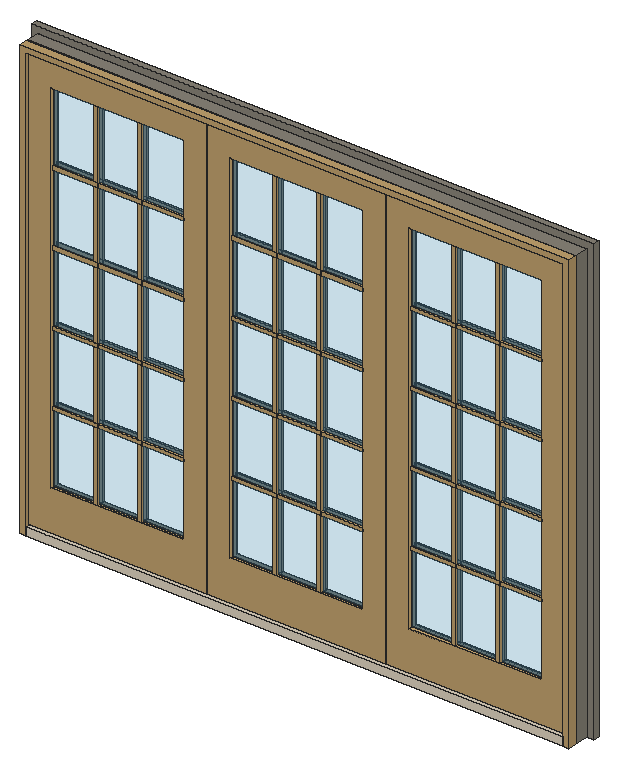
Revit family
Parameters (values of type "CUIFD9070")
  Void Offset = if(and(Casing Visibility, BMC), 0' 1 5/16", if(and(Casing Visibility, Flat Casing), 0' 3", 0' 0"))  # 0' - 1 5/16"
  URL = "www.marvin.com"
  Thickness = 0' - 1 3/4"
  Sill Material = Fiberglass_Pultrusion-Marvin-Beige
  S_2_R = or(XXO_OXX Option 3, and(OXO Option 1, Swing Reverse LH_RH))  # no
  S_2_L = and(OXO Option 1, Swing LH_RH)  # yes
  S_1_R = and(XOO_OOX Option 2, Swing Reverse LH_RH)  # no
  S_1_L = or(XXO_OXX Option 3, and(XOO_OOX Option 2, Swing LH_RH))  # no
  Rough Width = Width + 0' 1"  # 9' - 0 13/16"
  Rough Height = Height + 0' 0 1/2"  # 7' - 2 1/2"
  Prairie Corner Width = 0' - 4"
  Prairie Corner Height = 0' - 4"
  Plan Swing Angle [instance] = 90.00°
  Panel Width = (Width - 0' 2 5/8") / 3  # 2' - 11 1/16"
  Nominal Width = 9' - 0"
  Nominal Height = 7' - 0"
  Muntins Interior Visibility = yes
  Muntins Interior Material = Wood-Marvin-Pine
  Muntins Exterior Visibility = yes
  Muntins Exterior Material = Aluminum-Marvin-Bronze
  Model = "CUIFD9070"
  Manufacturer = "Marvin Windows and Doors"
  Lites Wide = 3
  Lites High = 5
  Lite Cut Prairie 9 = no
  Lite Cut HV Grid = not(Lite Cut Prairie 9)  # yes
  Label Visibility = no
  Jamb Extension Visibility = no
  Swing LH_RH = not(Swing Reverse LH_RH)  # yes
  Swing Reverse LH_RH = no
  OXO Option 1 = Option Choice Constraint = 1  # yes
  XOO_OOX Option 2 = Option Choice Constraint = 2  # no
  XXO_OXX Option 3 = Option Choice Constraint = 3  # no
  OOO Option 4 = Option Choice Constraint = 4  # no
  Note to User = "Enter Option Choice 1-4"
  Option Choice = 1
  Option Choice Constraint = if(Option Choice > 4, 4, if(Option Choice < 1, 1, Option Choice))  # 1
  Interior Material = Wood-Marvin-Pine
  Inset to Installation Flange [instance] = 0' - 1"
  Height = if(Nominal Height = 6' 6", Nominal Height + 0' 1 1/2", if(Nominal Height = 8' 0", Nominal Height - 0' 0 1/2", Nominal Height + 0' 2"))  # 7' - 2"
  Wall Closure = (empty or 0)
  Width = if(Nominal Height = 6' 6", Nominal Width - 0' 2 5/8", Nominal Width - 0' 0 3/16")  # 8' - 11 13/16"
  Glazing Material = Glass-Marvin-IG Low E II with Argon
  Glass Type = "IG Low E II with Argon"
  Function = 1
  Frame = "Aluminum Clad"
  Flat Casing Visibility = and(Casing Visibility, Flat Casing)  # no
  Family created by = "www.rbuiltcomponents.com"
  Door Type = "Clad Ultimate Inswing French Door"
  Design Pressure = "DP40"
  Description = "10884 FR DOOR"
  Daylight Area = DLO Width * DLO Height * 3  # 37.3909 SF
  DLO Width = Panel Width - 0' 9 15/32"  # 2' - 1 19/32"
  DLO Height = if(Bottom Rail Traditional, Height - 1' 3 7/8", Height - 1' 0 13/32")  # 5' - 10 1/8"
  Cladding Material = Aluminum-Marvin-Bronze
  Casing Width = if(BMC, 0' 1 5/16", 0' 3")  # 0' - 1 5/16"
  Casing Visibility = yes
  Bottom Rail Traditional = not(Bottom Rail Contemporary)  # yes
  Bottom Rail Contemporary = no
  Bottom Rail = if(Bottom Rail Traditional, 0' 9 31/32", 0' 6 1/2")  # 0' - 9 31/32"
  BMC Visibility = and(Casing Visibility, BMC)  # yes
  BMC = yes
  Flat Casing = not(BMC)  # no
  Assembly Code = ""
Reference planes (in)
  plane 1 "Center (Front/Back)": y = 0
  plane 2 "Center (Left/Right)": x = 0
  plane 3 "Left": x = -53.90625
  plane 4 "Right": x = 53.90625
  plane 5 "Top": z = 86
  plane 6 "Exterior": y = 3
  plane 7 "Interior": y = -3
  plane 8 "Inset": y = 2
  plane 9 "Glazing": y = -0.71875
  plane 10: x = -47.98438
  plane 11: x = 12.79687
  plane 12: z = 80.0625
  plane 13: z = 9.96875
  plane 14 "Jamb Ext Face": y = -2.5625
  plane 15: x = -12.79688
  plane 16: x = -22.39063
  plane 17: x = -35.1875
  plane 18: x = 0
  plane 19 "Void offset": z = 87.3125
  plane 20 "Casing": z = 87.3125
  plane 21: x = 22.39062
  plane 22: x = 47.98437
  plane 23: x = 35.1875
  plane 24: z = 43
  plane 25: y = -2.59375
Forms (in)
  Sweep 1, solid, material "Aluminum-Marvin-Bronze" <- "Cladding Material"
    path origin (0, -0.71875, 0) x (1, 0, 0) y (0, 0, 1)
      loop
        line (-53.90625, 0) -> (-53.90625, 86) -> (53.90625, 86) -> (53.90625, 0)
    profile "Clad_Frame : Clad_Frame" origin (-53.90625, -0.71875, 43) x (-1, 0, 0) y (0, -1, 0)
      loop
        line (0, -3.8125) -> (0, 0) -> (-1.06374, 0) -> (-1.06374, -0.53244) -> (-1.77792, -0.53244)
        arc (-1.77792, -0.53244) -> (-1.63018, -1.76415) -> (-1.51551, -2.99937) r 46.27589
        line (-1.51551, -2.99937) -> (-0.93767, -2.99937) -> (-0.93767, -3.10585) -> (-0.67848, -3.10585) -> (-0.67848, -3.8125) -> (0, -3.8125)
  Sweep 2, solid, material "Wood-Marvin-Pine" <- "Interior Material"
    path origin (0, -0.71875, 0) x (1, 0, 0) y (0, 0, 1)
      loop
        line (-53.90625, 0) -> (-53.90625, 86) -> (53.90625, 86) -> (53.90625, 0)
    profile "Int_Frame : Int_Frame" origin (-53.90625, -0.71875, 43) x (-1, 0, 0) y (0, -1, 0)
      loop
        line (0, 0) -> (0, 1.84375) -> (-1.06374, 1.84375) -> (-1.06374, 0) -> (0, 0)
  Sweep 3, solid, material "Fiberglass_Pultrusion-Marvin-Beige" <- "Sill Material"
    path origin (0, 2, 0) x (1, 0, 0) y (0, 0, 1)
      loop
        line (53.22777, 0) -> (-53.22777, 0)
    profile "Sill : Sill" origin (0, 2, 0) x (0, 0, -1) y (0, -1, 0)
      loop
        line (-0.5775, -1.09375) -> (0, -1.09375) -> (0, 4.5625) -> (-1.57253, 4.5625) -> (-1.3105, 2.06948) -> (-2.005, 2.06948) -> (-2.005, 1.63198) -> (-1.5375, 1.63198) -> (-1.37091, 0.04698) -> (-0.5775, 0.04698) -> (-0.5775, -1.09375)
  Extrusion 4, solid, material "Wood-Marvin-Pine" <- "Interior Material", visible <- "Jamb Extension Visibility", detail levels medium+fine
    sketch origin (0, -2.5625, 0) x (1, 0, 0) y (0, 0, 1)
      loop
        line (-53.90625, 0) -> (-53.21875, 0) -> (-53.21875, 85.3125) -> (53.21875, 85.3125) -> (53.21875, 0) -> (53.90625, 0) -> (53.90625, 86) -> (-53.90625, 86) -> (-53.90625, 0)
    from 0.03125 to 0.4375
  Extrusion 5, void
    sketch origin (0, 0, 0) x (1, 0, 0) y (0, 1, 0)
      loop
        line (-53.90625, 2) -> (-53.90625, -3) -> (53.90625, -3) -> (53.90625, 2) -> (-53.90625, 2)
    from 86 to 0
  Extrusion 6, void
    sketch origin (0, 0, 0) x (1, 0, 0) y (0, 1, 0)
      loop
        line (-55.21875, 3.125) -> (-55.21875, 2) -> (55.21875, 2) -> (55.21875, 3.125) -> (-55.21875, 3.125)
    from 87.3125 to 0
  Sweep 7, void
    path origin (0, -2.5625, 0) x (1, 0, 0) y (0, 0, 1)
      loop
        line (-53.21875, 1.57253) -> (-53.21875, 0)
    profile "Sill_Void : Sill_Void" origin (-53.21875, -2.5625, 0.78626) x (1, 0, 0) y (0, -1, 0)
      loop
        line (0, -4.95658) -> (0.25918, -4.95658) -> (0.25918, -4.8501) -> (0.83703, -4.8501)
        arc (0.83703, -4.8501) -> (0.9517, -3.61487) -> (1.09944, -2.38317) r 46.27589
        line (1.09944, -2.38317) -> (0.38526, -2.38317) -> (0.38526, 0.11683) -> (-0.125, 0.11683) -> (-0.125, -2.38317) -> (0, -2.38317) -> (0, -4.95658)
  Sweep 8, void
    path origin (0, -2.5625, 0) x (-1, 0, 0) y (0, 0, 1)
      loop
        line (-53.21875, 1.57253) -> (-53.21875, 0)
    profile "Sill_Void : Sill_Void" origin (53.21875, -2.5625, 0.78626) x (1, 0, 0) y (0, -1, 0)
      loop
        line (0, -4.95658) -> (0, -2.38317) -> (0.125, -2.38317) -> (0.125, 0.11683) -> (-0.38526, 0.11683) -> (-0.38526, -2.38317) -> (-1.09944, -2.38317)
        arc (-1.09944, -2.38317) -> (-0.9517, -3.61487) -> (-0.83703, -4.8501) r 46.27589
        line (-0.83703, -4.8501) -> (-0.25918, -4.8501) -> (-0.25918, -4.95658) -> (0, -4.95658)
  Sweep 9, solid, material "Aluminum-Marvin-Bronze" <- "Cladding Material"
    path origin (0, -0.71875, 0) x (1, 0, 0) y (0, 0, 1)
      loop
        line (17.64063, 2.005) -> (17.64063, 84.22208)
    profile "Mtg_Stile : Mtg_Stile" origin (17.64063, -0.71875, 43.11354) x (-1, 0, 0) y (0, -1, 0)
      loop
        line (0.71385, -0.4375) -> (-1.07915, -0.4375) -> (-0.97643, -1.4148) -> (-0.73983, -1.59299) -> (-0.62233, -2.0315) -> (0.25704, -2.0315) -> (0.37874, -1.57729) -> (0.61256, -1.4012) -> (0.71385, -0.4375)
  Sweep 10, solid, material "Aluminum-Marvin-Bronze" <- "Cladding Material"
    path origin (0, -0.71875, 0) x (-1, 0, 0) y (0, 0, 1)
      loop
        line (17.64063, 2.005) -> (17.64063, 84.22208)
    profile "Mtg_Stile : Mtg_Stile" origin (-17.64063, -0.71875, 43.11354) x (-1, 0, 0) y (0, -1, 0)
      loop
        line (-0.71385, -0.4375) -> (-0.61256, -1.4012) -> (-0.37874, -1.57729) -> (-0.25704, -2.0315) -> (0.62233, -2.0315) -> (0.73983, -1.59299) -> (0.97643, -1.4148) -> (1.07915, -0.4375) -> (-0.71385, -0.4375)
Cuts and joins
  Sweep 7, Sweep 8 cuts Sweep 3
Lines and regions (in)
  Masking region 1
    outline origin (0, 0, 0) x (0, 1, 0) y (0, 0, 1)
      loop
        line (3.09375, 86) -> (-2.5625, 86) -> (-2.5625, 0) -> (3.09375, 0) -> (3.09375, 86)
  Masking region 2, visible <- "Jamb Extension Visibility"
    outline origin (0, 0, 0) x (1, 0, 0) y (0, 1, 0)
      loop
        line (-53.21875, -3) -> (-53.21875, -2.59375) -> (-53.90625, -2.59375) -> (-53.90625, -3) -> (-53.21875, -3)
  Masking region 3, visible <- "Jamb Extension Visibility"
    outline origin (0, 0, 0) x (0, 1, 0) y (-1, 0, 0)
      loop
        line (-3, -53.21875) -> (-3, -53.90625) -> (-2.59375, -53.90625) -> (-2.59375, -53.21875) -> (-3, -53.21875)
  Masking region 4, visible <- "Jamb Extension Visibility"
    outline origin (0, 0, 0) x (0, 1, 0) y (0, 0, 1)
      loop
        line (-2.59375, 86) -> (-3, 86) -> (-3, 0) -> (-2.59375, 0) -> (-2.59375, 86)
  symbolic lines, style "DoorsFrameMullionProjection", visible <- "Jamb Extension Visibility", detail levels coarse+medium
    curve 1: line (-53.90625, -3, 0) -> (-53.21875, -3, 0)
    curve 2: line (-53.21875, -3, 0) -> (-53.21875, -2.59375, 0)
    curve 3: line (53.90625, -3, 0) -> (53.21875, -3, 0)
    curve 4: line (53.21875, -3, 0) -> (53.21875, -2.59375, 0)
    curve 7: line (0, -2.59375, 85.3125) -> (0, -3, 85.3125)
    curve 8: line (0, -3, 85.3125) -> (0, -3, 86)
    curve 38: line (53.90625, -3, 0) -> (53.90625, -2.59375, 0)
  symbolic lines, style "Jamb Extension", visible <- "Jamb Extension Visibility", detail levels fine
    curve 5: line (0, -2.59375, 85.3125) -> (0, -3, 85.3125)
    curve 6: line (0, -3, 85.3125) -> (0, -3, 86)
  symbolic lines, style "DoorsFrameMullionProjection", detail levels coarse+medium
    curve 9: line (0, 3.09375, 86) -> (0, 3.09375, 84.93626)
    curve 10: line (0, 3.09375, 84.93626) -> (0, -2.5625, 84.93626)
    curve 11: line (0, -2.5625, 84.93626) -> (0, -2.5625, 86)
    curve 20: line (0, -0.28125, 80.0625) -> (0, -0.28125, 9.96875)
    curve 21: line (0, -2.03125, 80.0625) -> (0, -2.03125, 9.96875)
    curve 22: line (0, 3.09375, 0.5775) -> (0, 1.95302, 0.5775)
    curve 23: line (0, 1.95302, 1.625) -> (0, 1.95302, 0.5775)
    curve 24: line (0, 1.95302, 1.625) -> (0, -2.56948, 1.625)
    curve 25: line (0, -2.56948, 0) -> (0, -2.56948, 1.625)
    curve 26: line (0, 3.09375, 0) -> (0, 3.09375, 0.5775)
    curve 27: line (0, 3.09375, 0) -> (0, -2.56948, 0)
    curve 30: line (-53.90625, -2.59375, 0) -> (-53.90625, -3, 0)
    curve 31: line (0, 3.09375, 86) -> (0, -3, 86)
  symbolic lines, style "DoorsPanelProjection", detail levels coarse+medium
    curve 12: line (0, -0.28125, 80.0625) -> (0, -0.28125, 84.93626)
    curve 13: line (0, -2.03125, 80.0625) -> (0, -0.28125, 80.0625)
    curve 14: line (0, -2.03125, 84.93626) -> (0, -2.03125, 80.0625)
    curve 15: line (0, -0.28125, 9.96875) -> (0, -2.03125, 9.96875)
    curve 16: line (0, -0.28125, 1.8125) -> (0, -0.28125, 9.96875)
    curve 17: line (0, -2.03125, 1.8125) -> (0, -0.28125, 1.8125)
    curve 18: line (0, -2.03125, 9.96875) -> (0, -2.03125, 1.8125)
  symbolic lines, style "DoorsGlassProjection", detail levels coarse+medium
    curve 19: line (0, -1.15625, 9.96875) -> (0, -1.15625, 80.0625)
  symbolic lines, style "Elevation Swing", visible <- "S_2_R"
    curve 28: line (17.54687, -0.71875, 1.8125) -> (-17.54688, -0.71875, 43)
    curve 29: line (-17.54688, -0.71875, 43) -> (17.54687, -0.71875, 84.8125)
  symbolic lines, style "Elevation Swing", visible <- "S_2_L"
    curve 32: line (-17.54688, -0.71875, 1.84375) -> (17.54687, -0.71875, 43)
    curve 33: line (17.54687, -0.71875, 43) -> (-17.54688, -0.71875, 84.8125)
  symbolic lines, style "Elevation Swing", visible <- "S_1_L"
    curve 34: line (17.64062, 2, 1.8125) -> (52.73437, 2, 43)
    curve 35: line (52.73437, 2, 43) -> (17.64062, 2, 84.8125)
  symbolic lines, style "Elevation Swing", visible <- "S_1_R"
    curve 36: line (52.73438, 2, 1.84375) -> (17.64062, 2, 43)
    curve 37: line (17.64062, 2, 43) -> (52.73438, 2, 84.8125)
Text (in)
  text "Exterior" at (-74.96733, 27.31104, 0), in view "Ref. Level"
  text "Interior" at (-74.96733, -25.14366, 0), in view "Ref. Level"
  text "Exterior" at (0, 40.15149, 123.01588), in view "Right"
  text "Interior" at (0, -64.39139, 123.01588), in view "Right"
  text "Interior" at (0, -31.01599, 123.00693), in view "Left"
  text "Exterior" at (0, 54.57065, 123.00693), in view "Left"
Dimensions and locks (in)
  equal spacing: plane 3 "Left", plane 2 "Center (Left/Right)", plane 4 "Right"
  "Height": level to plane 5 "Top"
  locked: plane 3 "Left" to plane 10 at 5.92188
  locked: plane 12 to plane 5 "Top" at 5.9375
  "Bottom Rail": level to plane 13
  locked: Extrusion 4 sketch curve to plane 4 "Right" at 0.6875
  locked: plane 3 "Left" to Extrusion 4 sketch curve at 0.6875
  locked: plane 5 "Top" to Extrusion 4 sketch curve at 0.6875
  locked: nested 3 to plane 9 "Glazing" at 0.8125
  "Inset to Installation Flange": host wall to plane 8 "Inset"
  locked: plane 9 "Glazing" to plane 8 "Inset" at 2.71875
  locked: plane 14 "Jamb Ext Face" to plane 8 "Inset" at 4.5625
  locked: nested 4 to host wall at 12
  equal spacing: plane 16, plane 17, plane 10
  equal spacing: plane 15, plane 18, plane 11
  "Void Offset": plane 19 "Void offset" to plane 5 "Top"
  "Casing Width": plane 20 "Casing" to plane 5 "Top"
  locked: Extrusion 6 sketch curve to host wall at 0.125
  "Void Offset": Extrusion 6 sketch curve to plane 3 "Left"
  "Void Offset": plane 4 "Right" to Extrusion 6 sketch curve
  locked: level to curve 24 at 1.625
  "Width": plane 3 "Left" to plane 4 "Right"
  locked: plane 15 to plane 16 at 9.59375
  locked: plane 11 to plane 21 at 9.59375
  locked: plane 22 to plane 4 "Right" at 5.92188
  equal spacing: plane 22, plane 23, plane 21
  "DLO Width": plane 22 to plane 21
  "DLO Width": plane 16 to plane 10
  equal spacing: level, plane 24, plane 5 "Top"
  locked: plane 3 "Left" to Sweep 7 sketch curve at 0.6875
  locked: Sweep 8 sketch curve to plane 4 "Right" at 0.6875
  locked: Sweep 8 sketch curve to level at 1.57253
  locked: plane 25 to plane 14 "Jamb Ext Face" at 0.03125
  locked: Sweep 9 sketch curve to plane 21 at 4.75
  locked: Sweep 10 sketch curve to plane 16 at 4.75
  aligned and locked: plane 6 "Exterior" to host wall
  aligned and locked: plane 7 "Interior" to host wall
  aligned and locked: plane 3 "Left" to Sweep 1 sketch curve
  aligned and locked: level to Sweep 1 sketch curve  (x2)
  aligned and locked: Sweep 1 sketch curve to plane 5 "Top"
  aligned and locked: Sweep 1 sketch curve to plane 4 "Right"
  aligned and locked: plane 3 "Left" to Sweep 2 sketch curve
  aligned and locked: level to Sweep 2 sketch curve  (x2)
  aligned and locked: Sweep 2 sketch curve to plane 5 "Top"
  aligned and locked: Sweep 2 sketch curve to plane 4 "Right"
  aligned and locked: level to nested 1
  aligned and locked: nested 1 to plane 8 "Inset"
  aligned and locked: Sweep 3 sketch curve to level
  aligned and locked: Extrusion 4 sketch curve to plane 3 "Left"
  aligned and locked: plane 5 "Top" to Extrusion 4 sketch curve
  aligned and locked: plane 4 "Right" to Extrusion 4 sketch curve
  aligned and locked: level to Extrusion 4 sketch curve  (x2)
  aligned and locked: Sweep 1 to Extrusion 4 sketch curve
  aligned and locked: host wall to Extrusion 4
  aligned and locked: plane 9 "Glazing" to nested 2
  aligned and locked: plane 12 to nested 2
  aligned and locked: nested 3 to plane 12
  aligned and locked: plane 3 "Left" to curve 1
  aligned and locked: curve 1 to Extrusion 4
  aligned and locked: plane 4 "Right" to curve 3
  aligned and locked: curve 4 to Extrusion 4
  aligned and locked: curve 3 to Extrusion 4
  aligned and locked: Extrusion 4 to curve 5
  aligned and locked: Extrusion 4 to curve 6
  aligned and locked: plane 5 "Top" to curve 8
  aligned and locked: Extrusion 4 to curve 7
  aligned and locked: plane 14 "Jamb Ext Face" to curve 11
  aligned and locked: curve 10 to Sweep 2
  aligned and locked: curve 13 to plane 12
  aligned and locked: curve 15 to plane 13
  aligned and locked: curve 13 to curve 19
  aligned and locked: curve 15 to curve 19
  aligned and locked: plane 5 "Top" to Masking region 1 sketch curve
  aligned and locked: level to Masking region 1 sketch curve
  aligned and locked: plane 2 "Center (Left/Right)" to nested 4
  aligned and locked: curve 23 to nested 1
  aligned and locked: curve 25 to nested 1
  aligned and locked: plane 18 to nested 2
  aligned and locked: nested 3 to plane 18
  aligned and locked: nested 5 to plane 17
  aligned and locked: nested 5 to plane 12
  aligned and locked: plane 17 to nested 6
  aligned and locked: plane 12 to nested 6
  aligned and locked: nested 5 to plane 9 "Glazing"
  aligned and locked: nested 3 to nested 6
  aligned and locked: Masking region 1 sketch curve to Sweep 1
  aligned and locked: curve 9 to Sweep 1
  aligned and locked: Sweep 3 sketch curve to Sweep 1
  aligned and locked: Sweep 1 to Sweep 3 sketch curve
  aligned and locked: plane 3 "Left" to curve 30
  aligned and locked: curve 31 to plane 5 "Top"
  aligned and locked: host wall to curve 31
  aligned and locked: plane 8 "Inset" to Extrusion 5 sketch curve
  aligned and locked: Extrusion 5 sketch curve to host wall
  aligned and locked: Extrusion 5 sketch curve to plane 3 "Left"
  aligned and locked: plane 4 "Right" to Extrusion 5 sketch curve
  aligned and locked: Extrusion 5 to plane 5 "Top"
  aligned and locked: Extrusion 5 to level
  aligned and locked: Extrusion 6 sketch curve to plane 8 "Inset"
  aligned and locked: Extrusion 6 to plane 19 "Void offset"
  aligned and locked: Extrusion 6 to level
  aligned and locked: Masking region 2 sketch curve to Extrusion 4
  aligned and locked: Masking region 2 sketch curve to plane 3 "Left"
  aligned and locked: Masking region 2 sketch curve to plane 7 "Interior"
  aligned and locked: Masking region 3 sketch curve to plane 4 "Right"
  aligned and locked: Masking region 3 sketch curve to Extrusion 4
  aligned and locked: plane 7 "Interior" to Masking region 3 sketch curve
  aligned and locked: plane 2 "Center (Left/Right)" to nested 7
  aligned and locked: plane 8 "Inset" to nested 7
  aligned and locked: level to nested 7
  aligned and locked: curve 26 to Sweep 1
  aligned and locked: curve 22 to Sweep 3
  aligned and locked: nested 8 to plane 8 "Inset"
  aligned and locked: plane 23 to nested 9
  aligned and locked: plane 12 to nested 9
  aligned and locked: plane 9 "Glazing" to nested 9
  aligned and locked: nested 10 to plane 23
  aligned and locked: nested 10 to plane 12
  aligned and locked: plane 24 to curve 28
  aligned and locked: plane 24 to curve 32
  aligned and locked: plane 24 to curve 34
  aligned and locked: plane 24 to curve 36
  aligned and locked: nested 8 to plane 2 "Center (Left/Right)"
  aligned and locked: Sweep 3 to Sweep 7 sketch curve
  aligned and locked: level to Sweep 7 sketch curve
  aligned and locked: level to Sweep 8 sketch curve
  aligned and locked: Extrusion 4 to plane 25
  aligned and locked: plane 25 to Masking region 2 sketch curve
  aligned and locked: plane 25 to curve 30
  aligned and locked: plane 25 to curve 2
  aligned and locked: Masking region 3 sketch curve to plane 25
  aligned and locked: plane 25 to curve 4
  aligned and locked: plane 25 to curve 38
  aligned and locked: plane 25 to curve 5
  aligned and locked: plane 25 to curve 7
  aligned and locked: Masking region 1 sketch curve to plane 14 "Jamb Ext Face"
  aligned and locked: plane 5 "Top" to Masking region 4 sketch curve
  aligned and locked: level to Masking region 4 sketch curve
  aligned and locked: plane 25 to Masking region 4 sketch curve
  aligned and locked: Masking region 4 sketch curve to host wall
  aligned and locked: nested 11 to plane 12
  aligned and locked: nested 11 to plane 18
  aligned and locked: nested 12 to plane 23
  aligned and locked: plane 17 to nested 13
  aligned and locked: plane 12 to nested 12
  aligned and locked: nested 13 to plane 12
  aligned and locked: plane 9 "Glazing" to nested 13
  aligned and locked: plane 9 "Glazing" to nested 11
  aligned and locked: nested 12 to plane 9 "Glazing"
  aligned and locked: curve 36 to nested 12
  aligned and locked: curve 32 to nested 11
  aligned and locked: nested 11 to curve 33
  aligned and locked: nested 12 to curve 37
  aligned and locked: Sweep 1 to Sweep 9 sketch curve
  aligned and locked: cut or joined group of Sweep 3, Sweep 7, Sweep 8 to Sweep 9 sketch curve
  aligned and locked: Sweep 1 to Sweep 10 sketch curve
  aligned and locked: cut or joined group of Sweep 3, Sweep 7, Sweep 8 to Sweep 10 sketch curve
  aligned and locked: nested 3 to nested 10
  aligned and locked: curve 12 to nested 1
  aligned and locked: curve 14 to nested 1
Automatic sketch dimensions
  curve 27 to level = 0' - 0"
  plane 9 "Glazing" to curve 19 = 0' - 0 7/16"
  level to curve 17 = 0' - 1 13/16"
  curve 1 to curve 1 = 0' - 0 11/16"
  curve 29 to plane 15 = 0' - 4 3/4"
  curve 32 to plane 11 = 0' - 4 3/4"
  plane 5 "Top" to curve 29 = 0' - 1 3/16"
  curve 29 to plane 11 = 0' - 4 3/4"
  level to curve 28 = 0' - 1 13/16"
  curve 28 to plane 11 = 0' - 4 3/4"
  level to curve 32 = 0' - 1 27/32"
  plane 5 "Top" to curve 33 = 0' - 1 3/16"
  level to curve 34 = 0' - 1 13/16"
  plane 21 to curve 34 = 0' - 4 3/4"
  plane 5 "Top" to curve 35 = 0' - 1 3/16"
  plane 21 to curve 35 = 0' - 4 3/4"
  plane 21 to curve 36 = 0' - 4 3/4"
  plane 4 "Right" to curve 35 = 0' - 1 11/64"
  level to curve 36 = 0' - 1 27/32"
  plane 5 "Top" to curve 37 = 0' - 1 3/16"
Nested families (in)
  nested 1: "Door_Section_Detail" at (0, 2, 0) x (0, -1, 0) z (1, 0, 0), type "Door_Section_Detail", detail levels fine
  nested 2: "Muntins" at (0, -0.71875, -26.0625), visible <- "Muntins Exterior Visibility", Muntin Material <- "Muntins Exterior Material", type "Muntins"
    with Muntin Material Aluminum-Marvin-Bronze, GlazingWidth 2' - 1 19/32", GlazingHeight 5' - 10 1/8", Width 2' - 2 1/32", LitesVertical 5, HorizontalMuntins 4, Height 5' - 10 9/16", Inset Vert 0' - 8.30208", Inset Horiz 1' - 1.7375"
  nested 3: "Muntins" at (0, -1.53125, -26.0625), Muntin Material <- "Muntins Interior Material", visible <- "Muntins Interior Visibility", type "Muntins"
    with Muntin Material Wood-Marvin-Pine, GlazingWidth 2' - 1 19/32", GlazingHeight 5' - 10 1/8", Width 2' - 2 1/32", LitesVertical 5, HorizontalMuntins 4, Height 5' - 10 9/16", Inset Vert 0' - 8.30208", Inset Horiz 1' - 1.7375"
  nested 4: "Label Annotation 1-16 w5" at (0, 15, 0), visible <- "Label Visibility", type "Label Annotation 1-16 w5"
  nested 5: "Muntins" at (-35.1875, -0.71875, -26.0625) x (-1, 0, 0) z (0, 0, 1), visible <- "Muntins Exterior Visibility", Muntin Material <- "Muntins Exterior Material", type "Muntins"
    with Muntin Material Aluminum-Marvin-Bronze, GlazingWidth 2' - 1 19/32", GlazingHeight 5' - 10 1/8", Width 2' - 2 1/32", LitesVertical 5, HorizontalMuntins 4, Height 5' - 10 9/16", Inset Vert 0' - 8.30208", Inset Horiz 1' - 1.7375"
  nested 6: "Muntins" at (-35.1875, -1.53125, -26.0625) x (-1, 0, 0) z (0, 0, 1), Muntin Material <- "Muntins Interior Material", visible <- "Muntins Interior Visibility", type "Muntins"
    with Muntin Material Wood-Marvin-Pine, GlazingWidth 2' - 1 19/32", GlazingHeight 5' - 10 1/8", Width 2' - 2 1/32", LitesVertical 5, HorizontalMuntins 4, Height 5' - 10 9/16", Inset Vert 0' - 8.30208", Inset Horiz 1' - 1.7375"
  nested 7: "Casing_Clad" at (0, 2, 0), visible <- "Casing Visibility", type "Casing_Clad"
    with Width 8' - 11 13/16", Height 7' - 2"
  nested 8: "Door_Plan_Detail" at (-31.84375, -1.9375, 0) x (-1, 0, 0) z (0, 0, 1), type "Door_Plan_Detail"
  nested 9: "Muntins" at (35.1875, -0.71875, -26.0625), visible <- "Muntins Exterior Visibility", Muntin Material <- "Muntins Exterior Material", type "Muntins"
    with Muntin Material Aluminum-Marvin-Bronze, GlazingWidth 2' - 1 19/32", GlazingHeight 5' - 10 1/8", Width 2' - 2 1/32", LitesVertical 5, HorizontalMuntins 4, Height 5' - 10 9/16", Inset Vert 0' - 8.30208", Inset Horiz 1' - 1.7375"
  nested 10: "Muntins" at (35.1875, -1.53125, -26.0625), Muntin Material <- "Muntins Interior Material", visible <- "Muntins Interior Visibility", type "Muntins"
    with Muntin Material Wood-Marvin-Pine, GlazingWidth 2' - 1 19/32", GlazingHeight 5' - 10 1/8", Width 2' - 2 1/32", LitesVertical 5, HorizontalMuntins 4, Height 5' - 10 9/16", Inset Vert 0' - 8.30208", Inset Horiz 1' - 1.7375"
  nested 11: "Panel" at (0, -0.71875, 1.84375), type "Panel"
    with Width 2' - 11 3/32", Height 6' - 10 31/32", DLO Width 2' - 1 19/32", DLO Height 5' - 10 1/8"
  nested 12: "Panel" at (35.1875, -0.71875, 1.84375) x (-1, 0, 0) z (0, 0, 1), type "Panel"
    with Width 2' - 11 3/32", Height 6' - 10 31/32", DLO Width 2' - 1 19/32", DLO Height 5' - 10 1/8"
  nested 13: "Panel" at (-35.1875, -0.71875, 1.84375), type "Panel"
    with Width 2' - 11 3/32", Height 6' - 10 31/32", DLO Width 2' - 1 19/32", DLO Height 5' - 10 1/8"
Definition of nested family "Muntins"
  Parameters (values of type "Muntins")
    PrairieMuntVisible = no
    Prairie Corner Width = 0' - 4"
    Prairie Corner Height = 0' - 4"
    Muntin Extension = 0' - 0 7/16"
    GridMuntVisible = yes
    GlazingWidth = 2' - 0"
    GlazingHeight = 2' - 11 1/8"
    Width = GlazingWidth + Muntin Extension  # 2' - 0 7/16"
    VerticalMuntins = if(LitesHorizontal < 3, 2, LitesHorizontal - 1)  # 2
    VertMuntVisible = and(GridMuntVisible, LitesHorizontal > 2)  # yes
    MuntinWidth = 0' - 0 3/4"
    MuntinDepth [instance] = 0' - 0 3/8"
    Muntin Material [instance] = none
    LitesVertical = 3
    LitesHorizontal = 3
    HorizontalMuntins = if(LitesVertical < 3, 2, LitesVertical - 1)  # 2
    HorizMuntVisible = and(GridMuntVisible, LitesVertical > 2)  # yes
    Height = GlazingHeight + Muntin Extension  # 2' - 11 9/16"
    Inset Vert = if(LitesHorizontal < 3, (Width / 3) - (MuntinWidth / 2), (Width / LitesHorizontal) - (MuntinWidth / 2))  # 0' - 7.77083"
    Inset Horiz = if(LitesVertical < 3, (Height / 3) - (MuntinWidth / 2), (Height / LitesVertical) - (MuntinWidth / 2))  # 0' - 11.47917"
    CenterMuntinVertical = and(GridMuntVisible, LitesHorizontal = 2)  # no
    CenterMuntinHorizontal = and(GridMuntVisible, LitesVertical = 2)  # no
    Assembly Code = ""
  Reference planes (in)
    plane 1 "Center (Front/Back)": y = 0
    plane 2: z = 0
    plane 3 "Center (Left/Right)": x = 0
    plane 4: z = 35.78125
    plane 5: z = 53.5625
    plane 6: z = 71.34375
    plane 7: z = 59.86458
    plane 8: z = 47.26042
    plane 9: z = 71.125
    plane 10: z = 36
    plane 11: x = -12
    plane 12: x = 12
    plane 13: x = -4.44792
    plane 14: x = -12.21875
    plane 15: x = 12.21875
    plane 16: x = 4.44792
    plane 17: z = 67.125
    plane 18: z = 40
    plane 19: x = -8
    plane 20: x = 8
  Forms (in)
    Extrusion 1, solid, material <- "Muntin Material", visible <- "CenterMuntinVertical", detail levels medium+fine
      sketch origin (9, 0, 0) x (1, 0, 0) y (0, 0, 1)
        loop
          line (-9.375, 71.34375) -> (-9.375, 35.78125) -> (-8.625, 35.78125) -> (-8.625, 71.34375) -> (-9.375, 71.34375)
      from 0 to 0.375 <- "MuntinDepth"
    Extrusion 2, solid, material <- "Muntin Material", visible <- "CenterMuntinHorizontal", detail levels medium+fine
      sketch origin (-0.0013, 0, 14.6875) x (1, 0, 0) y (0, 0, 1)
        loop
          line (-12.21745, 39.25) -> (-12.21745, 38.5) -> (12.22005, 38.5) -> (12.22005, 39.25) -> (-12.21745, 39.25)
      from 0 to 0.375 <- "MuntinDepth"
    Extrusion 3, solid, material <- "Muntin Material", visible <- "VertMuntVisible", detail levels medium+fine
      sketch origin (4.92708, 0, -2.90625) x (1, 0, 0) y (0, 0, 1)
        loop
          line (-9.375, 74.25) -> (-9.375, 38.6875) -> (-8.625, 38.6875) -> (-8.625, 74.25) -> (-9.375, 74.25)
      from 0 to 0.375 <- "MuntinDepth"
    Extrusion 4, solid, material <- "Muntin Material", visible <- "HorizMuntVisible", detail levels medium+fine
      sketch origin (-3.09635, 0, 14.17708) x (1, 0, 0) y (0, 0, 1)
        loop
          line (-9.1224, 45.6875) -> (-9.1224, 44.9375) -> (15.3151, 44.9375) -> (15.3151, 45.6875) -> (-9.1224, 45.6875)
      from 0 to 0.375 <- "MuntinDepth"
    Extrusion 5, solid, material <- "Muntin Material", visible <- "HorizMuntVisible", detail levels medium+fine
      sketch origin (-3.09635, 0, 2.32292) x (1, 0, 0) y (0, 0, 1)
        loop
          line (-9.1224, 45.6875) -> (-9.1224, 44.9375) -> (15.3151, 44.9375) -> (15.3151, 45.6875) -> (-9.1224, 45.6875)
      from 0 to 0.375 <- "MuntinDepth"
    Extrusion 6, solid, material <- "Muntin Material", visible <- "VertMuntVisible", detail levels medium+fine
      sketch origin (13.07292, 0, -2.90625) x (1, 0, 0) y (0, 0, 1)
        loop
          line (-9.375, 74.25) -> (-9.375, 38.6875) -> (-8.625, 38.6875) -> (-8.625, 74.25) -> (-9.375, 74.25)
      from 0 to 0.375 <- "MuntinDepth"
    Extrusion 7, solid, material <- "Muntin Material", visible <- "PrairieMuntVisible", detail levels medium+fine
      sketch origin (1, 0, 0) x (1, 0, 0) y (0, 0, 1)
        loop
          line (-9, 71.34375) -> (-9, 35.78125) -> (-8.25, 35.78125) -> (-8.25, 71.34375) -> (-9, 71.34375)
      from 0 to 0.375 <- "MuntinDepth"
    Extrusion 8, solid, material <- "Muntin Material", visible <- "PrairieMuntVisible", detail levels medium+fine
      sketch origin (17, 0, 0) x (1, 0, 0) y (0, 0, 1)
        loop
          line (-9.75, 71.34375) -> (-9.75, 35.78125) -> (-9, 35.78125) -> (-9, 71.34375) -> (-9.75, 71.34375)
      from 0 to 0.375 <- "MuntinDepth"
    Extrusion 9, solid, material <- "Muntin Material", visible <- "PrairieMuntVisible", detail levels medium+fine
      sketch origin (-0.0013, 0, 28.25) x (1, 0, 0) y (0, 0, 1)
        loop
          line (-12.21745, 38.875) -> (-12.21745, 38.125) -> (12.22005, 38.125) -> (12.22005, 38.875) -> (-12.21745, 38.875)
      from 0 to 0.375 <- "MuntinDepth"
    Extrusion 10, solid, material <- "Muntin Material", visible <- "PrairieMuntVisible", detail levels medium+fine
      sketch origin (-0.0013, 0, 1.125) x (1, 0, 0) y (0, 0, 1)
        loop
          line (-12.21745, 39.625) -> (-12.21745, 38.875) -> (12.22005, 38.875) -> (12.22005, 39.625) -> (-12.21745, 39.625)
      from 0 to 0.375 <- "MuntinDepth"
  Cuts and joins
    joined: Extrusion 7, Extrusion 8, Extrusion 9, Extrusion 10
  Lines and regions (in)
    model lines, style "Muntins", visible <- "CenterMuntinHorizontal", detail levels coarse
      curve 1: line (-12.21875, 0, 53.5625) -> (12.21875, 0, 53.5625)
    model lines, style "Muntins", visible <- "HorizMuntVisible", detail levels coarse
      curve 2: line (-12.21875, 0, 59.48958) -> (12.21875, 0, 59.48958)
      curve 3: line (-12.21875, 0, 47.63542) -> (12.21875, 0, 47.63542)
    model lines, style "Muntins", visible <- "CenterMuntinVertical", detail levels coarse
      curve 4: line (0, 0, 71.34375) -> (0, 0, 35.78125)
    model lines, style "Muntins", visible <- "VertMuntVisible", detail levels coarse
      curve 5: line (-4.07292, 0, 71.34375) -> (-4.07292, 0, 35.78125)
      curve 6: line (4.07292, 0, 71.34375) -> (4.07292, 0, 35.78125)
    model lines, style "Muntins", visible <- "PrairieMuntVisible", detail levels coarse
      curve 7: line (-12.21875, 0, 66.75) -> (12.21875, 0, 66.75)
      curve 8: line (-12.21875, 0, 40.375) -> (12.21875, 0, 40.375)
      curve 9: line (-7.625, 0, 35.78125) -> (-7.625, 0, 71.34375)
      curve 10: line (7.625, 0, 35.78125) -> (7.625, 0, 71.34375)
  Dimensions and locks (in)
    "Inset Horiz": plane 6 to plane 7
    "Inset Horiz": plane 8 to plane 4
    equal spacing: plane 6, plane 5, plane 4
    "Height": plane 6 to plane 4
    "GlazingHeight": plane 9 to plane 10
    equal spacing: plane 9, plane 5, plane 10
    "GlazingWidth": plane 12 to plane 11
    equal spacing: plane 12, plane 3 "Center (Left/Right)", plane 11
    "MuntinWidth": Extrusion 1 sketch curve to Extrusion 1 sketch curve
    "Height": Extrusion 1 sketch curve to Extrusion 1 sketch curve
    "MuntinWidth": Extrusion 2 sketch curve to Extrusion 2 sketch curve
    "Width": Extrusion 2 sketch curve to Extrusion 2 sketch curve
    "MuntinWidth": Extrusion 3 sketch curve to Extrusion 3 sketch curve
    "Height": Extrusion 3 sketch curve to Extrusion 3 sketch curve
    "Width": plane 15 to plane 14
    equal spacing: plane 15, plane 3 "Center (Left/Right)", plane 14
    "Inset Vert": plane 13 to plane 14
    "Inset Vert": plane 15 to plane 16
    "MuntinWidth": Extrusion 4 sketch curve to Extrusion 4 sketch curve
    "Width": Extrusion 4 sketch curve to Extrusion 4 sketch curve
    "MuntinWidth": Extrusion 5 sketch curve to Extrusion 5 sketch curve
    "Width": Extrusion 5 sketch curve to Extrusion 5 sketch curve
    group 2 to group 3 = 0' - 0"  (x2)
    group 3 to group 2 = 0' - 11.85417"
    "MuntinWidth": Extrusion 6 sketch curve to Extrusion 6 sketch curve
    "Height": Extrusion 6 sketch curve to Extrusion 6 sketch curve
    group 4 to group 5 = 0' - 8.14583"
    group 4 to group 5 = 0' - 0"  (x2)
    "Prairie Corner Width": plane 19 to plane 11
    "Prairie Corner Width": plane 20 to plane 12
    "Prairie Corner Height": plane 9 to plane 17
    "Prairie Corner Height": plane 18 to plane 10
    "MuntinWidth": Extrusion 7 sketch curve to Extrusion 7 sketch curve
    "Height": Extrusion 7 sketch curve to Extrusion 7 sketch curve
    "MuntinWidth": Extrusion 8 sketch curve to Extrusion 8 sketch curve
    "Height": Extrusion 8 sketch curve to Extrusion 8 sketch curve
    "MuntinWidth": Extrusion 9 sketch curve to Extrusion 9 sketch curve
    "Width": Extrusion 9 sketch curve to Extrusion 9 sketch curve
    "MuntinWidth": Extrusion 10 sketch curve to Extrusion 10 sketch curve
    "Width": Extrusion 10 sketch curve to Extrusion 10 sketch curve
    aligned and locked: plane 6 to Extrusion 1  (x2)
    aligned and locked: Extrusion 1 to plane 4  (x3)
    aligned and locked: Extrusion 3 to plane 13  (x5)
    aligned and locked: Extrusion 3 to plane 4  (x3)
    aligned and locked: Extrusion 2 to plane 14
    aligned and locked: plane 15 to Extrusion 2
    aligned and locked: plane 6 to Extrusion 3
    aligned and locked: plane 7 to Extrusion 4
    aligned and locked: Extrusion 4 to plane 14
    aligned and locked: plane 15 to Extrusion 4
    aligned and locked: curve 1 to plane 5
    aligned and locked: plane 14 to curve 1
    aligned and locked: plane 15 to curve 1
    aligned and locked: Extrusion 5 to plane 14
    aligned and locked: Extrusion 5 to plane 8
    aligned and locked: plane 15 to Extrusion 5
    aligned and locked: Extrusion 5 to curve 3  (x2)
    aligned and locked: Extrusion 4 to curve 2  (x2)
    aligned and locked: curve 4 to plane 3 "Center (Left/Right)"
    aligned and locked: Extrusion 1 to curve 4  (x2)
    aligned and locked: Extrusion 3 to curve 5  (x2)
    aligned and locked: Extrusion 6 to curve 6  (x2)
    aligned and locked: Extrusion 6 to plane 16
    aligned and locked: plane 6 to Extrusion 6
    aligned and locked: plane 6 to curve 6
    aligned and locked: Extrusion 6 to plane 4
    aligned and locked: plane 4 to curve 6
    aligned and locked: cut or joined group of Extrusion 7, Extrusion 8, Extrusion 9, Extrusion 10 to plane 19
    aligned and locked: plane 20 to cut or joined group of Extrusion 7, Extrusion 8, Extrusion 9, Extrusion 10
    aligned and locked: plane 17 to cut or joined group of Extrusion 7, Extrusion 8, Extrusion 9, Extrusion 10
    aligned and locked: cut or joined group of Extrusion 7, Extrusion 8, Extrusion 9, Extrusion 10 to plane 18
    aligned and locked: cut or joined group of Extrusion 7, Extrusion 8, Extrusion 9, Extrusion 10 to curve 7  (x2)
    aligned and locked: cut or joined group of Extrusion 7, Extrusion 8, Extrusion 9, Extrusion 10 to curve 8  (x2)
    aligned and locked: cut or joined group of Extrusion 7, Extrusion 8, Extrusion 9, Extrusion 10 to curve 9  (x2)
    aligned and locked: cut or joined group of Extrusion 7, Extrusion 8, Extrusion 9, Extrusion 10 to curve 10  (x2)
  Automatic sketch dimensions
    Extrusion 1 sketch curve to plane 4 = 0' - 0"
    Extrusion 1 sketch curve to plane 3 "Center (Left/Right)" = 0' - 0 3/8"
    Extrusion 2 sketch curve to plane 14 = 0' - 0"
    Extrusion 2 sketch curve to plane 5 = 0' - 0 3/8"
    Extrusion 7 sketch curve to plane 4 = 0' - 0"
    Extrusion 7 sketch curve to plane 19 = 0' - 0"
    Extrusion 8 sketch curve to plane 4 = 0' - 0"
    Extrusion 8 sketch curve to plane 20 = 0' - 0 3/4"
    Extrusion 9 sketch curve to plane 14 = 0' - 0"
    Extrusion 9 sketch curve to plane 17 = 0' - 0 3/4"
    Extrusion 10 sketch curve to plane 14 = 0' - 0"
    Extrusion 10 sketch curve to plane 18 = 0' - 0"
    plane 19 to curve 9 = 0' - 0 3/8"
    curve 10 to plane 20 = 0' - 0 3/8"
    plane 18 to curve 8 = 0' - 0 3/8"
    curve 7 to plane 17 = 0' - 0 3/8"
Definition of nested family "Casing_Clad"
  Parameters (values of type "Casing_Clad")
    Width = 16' - 0"
    Height = 12' - 0"
    Flat Casing Visibility = no
    Cladding Finish = Aluminum-Marvin-Bronze
    BMC Visibility = yes
    Assembly Code = ""
  Reference planes (in)
    plane 1 "Center (Front/Back)": y = 0
    plane 2: z = 0
    plane 3 "Center (Left/Right)": x = 0
    plane 4: z = 144
    plane 5: x = -96
    plane 6: x = 96
  Forms (in)
    Sweep 1, solid, material "Aluminum-Marvin-Bronze" <- "Cladding Finish", visible <- "BMC Visibility"
      path origin (0, 0, 0) x (1, 0, 0) y (0, 0, 1)
        loop
          line (-96, 0) -> (-96, 144) -> (96, 144) -> (96, 0)
      profile "BMC_Clad : BMC_Clad" origin (96, 0, 72) x (1, 0, 0) y (0, -1, 0)
        loop
          line (0.71589, -1.25) -> (1.3125, -1.25) -> (1.3125, 0) -> (0, 0) -> (0, -1.09375) -> (0.38081, -1.09375) -> (0.71589, -1.25)
    Sweep 2, solid, material "Aluminum-Marvin-Bronze" <- "Cladding Finish", visible <- "Flat Casing Visibility"
      path origin (0, 0, 0) x (1, 0, 0) y (0, 0, 1)
        loop
          line (-96, 0) -> (-96, 144) -> (96, 144) -> (96, 0)
      profile "Flat_Casing_Clad : Flat_Casing_Clad" origin (96, 0, 72) x (1, 0, 0) y (0, -1, 0)
        loop
          line (3, -1.09375) -> (3, 0) -> (0, 0) -> (0, -1.09375) -> (3, -1.09375)
  Lines and regions (in)
    Masking region 1, visible <- "Flat Casing Visibility"
      outline origin (0, 0, 0) x (1, 0, 0) y (0, 1, 0)
        loop
          line (-96, 0) -> (-96, 1.09375) -> (-99, 1.09375) -> (-99, 0) -> (-96, 0)
    Masking region 2, visible <- "Flat Casing Visibility"
      outline origin (0, 0, 0) x (0, 1, 0) y (-1, 0, 0)
        loop
          line (0, -96) -> (0, -99) -> (1.09375, -99) -> (1.09375, -96) -> (0, -96)
    Masking region 3, visible <- "BMC Visibility"
      outline origin (0, 0, 0) x (1, 0, 0) y (0, 1, 0)
        loop
          line (96, 1.09375) -> (96, 0) -> (97.3125, 0) -> (97.3125, 1.25) -> (96.71589, 1.25) -> (96.38081, 1.09375) -> (96, 1.09375)
    Masking region 4, visible <- "BMC Visibility"
      outline origin (0, 0, 0) x (0, 1, 0) y (-1, 0, 0)
        loop
          line (1.09375, 96) -> (1.09375, 96.38081) -> (1.25, 96.71589) -> (1.25, 97.3125) -> (0, 97.3125) -> (0, 96) -> (1.09375, 96)
    Masking region 5, visible <- "Flat Casing Visibility"
      outline origin (0, 0, 0) x (0, 1, 0) y (0, 0, 1)
        loop
          line (1.09375, 147) -> (0, 147) -> (0, 144) -> (1.09375, 144) -> (1.09375, 147)
    Masking region 6, visible <- "BMC Visibility"
      outline origin (0, 0, 0) x (0, 1, 0) y (0, 0, 1)
        loop
          line (1.25, 145.3125) -> (0, 145.3125) -> (0, 144) -> (1.09375, 144) -> (1.09375, 144.38081) -> (1.25, 144.71589) -> (1.25, 145.3125)
    symbolic lines, style "Frame/Mullion", visible <- "Flat Casing Visibility", detail levels coarse+medium
      curve 1: line (0, 1.09375, 144) -> (0, 1.09375, 147)
      curve 2: line (0, 1.09375, 147) -> (0, 0, 147)
      curve 11: line (-99, 1.09375, 0) -> (-99, 0, 0)
      curve 12: line (-96, 1.09375, 0) -> (-99, 1.09375, 0)
      curve 13: line (99, 0, 0) -> (99, 1.09375, 0)
      curve 14: line (99, 1.09375, 0) -> (96, 1.09375, 0)
    symbolic lines, style "Frame/Mullion", visible <- "BMC Visibility", detail levels coarse+medium
      curve 3: line (0, 1.25, 145.3125) -> (0, 0, 145.3125)
      curve 4: line (0, 1.25, 144.71589) -> (0, 1.25, 145.3125)
      curve 5: line (0, 1.09375, 144.38081) -> (0, 1.25, 144.71589)
      curve 6: line (0, 1.09375, 144) -> (0, 1.09375, 144.38081)
      curve 7: line (-96.71589, 1.25, 0) -> (-97.3125, 1.25, 0)
      curve 8: line (-96.38081, 1.09375, 0) -> (-96.71589, 1.25, 0)
      curve 9: line (-96, 1.09375, 0) -> (-96.38081, 1.09375, 0)
      curve 10: line (-97.3125, 1.25, 0) -> (-97.3125, 0, 0)
      curve 15: line (97.3125, 0, 0) -> (97.3125, 1.25, 0)
      curve 16: line (97.3125, 1.25, 0) -> (96.71589, 1.25, 0)
      curve 17: line (96.71589, 1.25, 0) -> (96.38081, 1.09375, 0)
      curve 18: line (96.38081, 1.09375, 0) -> (96, 1.09375, 0)
  Dimensions and locks (in)
    "Width": plane 6 to plane 5
    equal spacing: plane 6, plane 3 "Center (Left/Right)", plane 5
    "Height": plane 4 to plane 2
    aligned and locked: plane 4 to Sweep 1 sketch curve
    aligned and locked: plane 5 to Sweep 1 sketch curve
    aligned and locked: plane 2 to Sweep 1 sketch curve
    aligned and locked: Sweep 1 sketch curve to plane 2
    aligned and locked: plane 4 to Sweep 2 sketch curve
    aligned and locked: plane 5 to Sweep 2 sketch curve
    aligned and locked: plane 2 to Sweep 2 sketch curve
    aligned and locked: Sweep 2 sketch curve to plane 2
    aligned and locked: Masking region 1 sketch curve to Sweep 1
    aligned and locked: Masking region 1 sketch curve to plane 1 "Center (Front/Back)"
    aligned and locked: Sweep 2 to Masking region 1 sketch curve
    aligned and locked: Masking region 1 sketch curve to Sweep 2
    aligned and locked: Masking region 2 sketch curve to Sweep 2  (x3)
    aligned and locked: Sweep 2 to Masking region 2 sketch curve
    aligned and locked: Masking region 3 sketch curve to Sweep 2
    aligned and locked: Masking region 3 sketch curve to Sweep 1  (x4)
    aligned and locked: Sweep 1 to Masking region 3 sketch curve
    aligned and locked: Masking region 4 sketch curve to Sweep 2
    aligned and locked: Masking region 4 sketch curve to Sweep 1  (x5)
    aligned and locked: Masking region 5 sketch curve to Sweep 2  (x2)
    aligned and locked: Sweep 1 to Masking region 5 sketch curve
    aligned and locked: Masking region 5 sketch curve to Sweep 1
    aligned and locked: Masking region 6 sketch curve to Sweep 1  (x6)
    aligned and locked: curve 1 to Masking region 5
    aligned and locked: curve 2 to Sweep 2
    aligned and locked: curve 3 to Sweep 1
    aligned and locked: curve 4 to Masking region 6
    aligned and locked: curve 5 to Sweep 1
    aligned and locked: curve 6 to Masking region 6
    aligned and locked: Masking region 2 to curve 14
    aligned and locked: Masking region 3 to curve 16
    aligned and locked: Masking region 3 to curve 18
    aligned and locked: Sweep 2 sketch curve to plane 6
    aligned and locked: Sweep 1 sketch curve to plane 6
    aligned and locked: curve 11 to Sweep 2
    aligned and locked: curve 10 to Sweep 1
    aligned and locked: Sweep 1 to curve 7
    aligned and locked: curve 8 to Sweep 1
    aligned and locked: Sweep 1 to curve 9
    aligned and locked: curve 13 to Sweep 2
    aligned and locked: curve 15 to Sweep 1
    aligned and locked: curve 17 to Sweep 1
  Automatic sketch dimensions
    curve 1 to plane 4 = 0' - 0"
    curve 2 to plane 1 "Center (Front/Back)" = 0' - 0"
    curve 3 to plane 1 "Center (Front/Back)" = 0' - 0"
    curve 6 to plane 4 = 0' - 0"
    curve 10 to plane 1 "Center (Front/Back)" = 0' - 0"
    curve 11 to plane 1 "Center (Front/Back)" = 0' - 0"
    curve 13 to plane 1 "Center (Front/Back)" = 0' - 0"
    curve 15 to plane 1 "Center (Front/Back)" = 0' - 0"
    plane 5 to curve 12 = 0' - 0"
    curve 18 to plane 6 = 0' - 0"
Definition of nested family "Panel"
  Parameters (values of type "Panel")
    Width = DLO Width + 0' 9 1/2"  # 3' - 11 1/2"
    Thickness = 0' - 0"
    Offset = if(Bottom Rail Traditional, 0' 8 3/32", 0' 3 3/4")  # 0' - 8 3/32"
    Interior Finish = Wood-Marvin-Pine
    Height = if(Bottom Rail Traditional, DLO Height + 1' 0 27/32", DLO Height + 0' 9 1/2")  # 6' - 10 27/32"
    Glazing Material = Glass-Marvin-IG Low E II with Argon
    Function = (empty or 0)
    DLO Width = 3' - 2"
    DLO Height = 5' - 10"
    Cladding Finish = Aluminum-Marvin-Bronze
    Bottom Rail Traditional = not(Bottom Rail Contemporary)  # yes
    Bottom Rail Contemporary = no
    Bottom Rail = if(Bottom Rail Traditional, 0' 8 3/32", 0' 4 3/4")  # 0' - 8 3/32"
  Reference planes (in)
    plane 1 "Center (Front/Back)": y = 0
    plane 2: z = 0
    plane 3 "Center (Left/Right)": x = 0
    plane 4: x = -23.75
    plane 5: x = 23.75
    plane 6: z = 82.84375
    plane 7: z = 78.09375
    plane 8: x = -19
    plane 9: x = 19
    plane 10: z = 8.09375
    plane 11 "Glazing": y = -0.8125
  Forms (in)
    Sweep 1, solid, material "Aluminum-Marvin-Bronze" <- "Cladding Finish"
      path origin (0, 0, 0) x (1, 0, 0) y (0, 0, 1)
        loop
          line (-19, 78.09375) -> (-19, 8.09375) -> (19, 8.09375) -> (19, 78.09375) -> (-19, 78.09375)
      profile "Clad_Panel : Clad_Panel" origin (0, 0, 78.09375) x (0, 0, 1) y (0, -1, 0)
        loop
          line (4.75, 0) -> (4.75, 1.3125) -> (0.19709, 1.3125) -> (0, 0.97108) -> (0, 0.8125) -> (0.72484, 0.8125) -> (0.72484, 0) -> (0, 0) -> (0, -0.05719) -> (0.20804, -0.26523) -> (0.20804, -0.4375) -> (4.75, -0.4375) -> (4.75, 0)
    Extrusion 2, solid, material "Glass-Marvin-IG Low E II with Argon" <- "Glazing Material"
      sketch origin (0, 0, 0) x (1, 0, 0) y (0, 0, 1)
        loop
          line (-19.5, 78.59375) -> (-19.5, 7.59375) -> (19.5, 7.59375) -> (19.5, 78.59375) -> (-19.5, 78.59375)
      from 0.125 to 0
    Sweep 3, solid, material "Aluminum-Marvin-Bronze" <- "Cladding Finish"
      path in 3D
        loop
          line (23.75, 0.4375, 3.34375) -> (-23.75, 0.4375, 3.34375)
      profile origin (0, 0.4375, 3.34375) x (0, 1, 0) y (0, 0, -1)
        loop
          line (0, 0) -> (0, 3.34375) -> (-1.75, 3.34375) -> (-1.75, 0) -> (0, 0)
    Extrusion 4, solid, material "Glass-Marvin-IG Low E II with Argon" <- "Glazing Material"
      sketch origin (0, -0.8125, 0) x (-1, 0, 0) y (0, 0, 1)
        loop
          line (19.5, 78.59375) -> (-19.5, 78.59375) -> (-19.5, 7.59375) -> (19.5, 7.59375) -> (19.5, 78.59375)
      from 0.125 to 0
  Cuts and joins
    joined: Sweep 1, Sweep 3
  Lines and regions (in)
    sketch lines
      curve 1: line (23.75, 0.4375, 3.34375) -> (-23.75, 0.4375, 3.34375)
  Dimensions and locks (in)
    equal spacing: plane 4, plane 3 "Center (Left/Right)", plane 5
    "Width": plane 4 to plane 5
    "Height": plane 6 to plane 2
    locked: plane 8 to plane 4 at 4.75
    locked: plane 5 to plane 9 at 4.75
    locked: plane 6 to plane 7 at 4.75
    "Bottom Rail": plane 10 to plane 2
    locked: profile plane to Sweep 3 sketch curve at 1.75
    locked: plane 8 to Extrusion 2 sketch curve at 0.5
    locked: Extrusion 2 sketch curve to plane 9 at 0.5
    locked: Extrusion 2 sketch curve to plane 7 at 0.5
    locked: plane 10 to Extrusion 2 sketch curve at 0.5
    locked: plane 11 "Glazing" to plane 1 "Center (Front/Back)" at 0.8125
    locked: plane 8 to Extrusion 4 sketch curve at 0.5
    locked: Extrusion 4 sketch curve to plane 9 at 0.5
    locked: Extrusion 4 sketch curve to plane 7 at 0.5
    locked: plane 10 to Extrusion 4 sketch curve at 0.5
    "Offset": plane 10 to Sweep 3 sketch curve
    aligned and locked: plane 10 to Sweep 1 sketch curve
    aligned and locked: plane 8 to Sweep 1 sketch curve
    aligned and locked: Sweep 1 sketch curve to plane 7
    aligned and locked: Sweep 1 sketch curve to plane 9
    aligned and locked: Extrusion 2 to plane 1 "Center (Front/Back)"
    aligned and locked: profile plane to Sweep 3 sketch curve  (x2)
Definition of nested family "Door_Section_Detail"
  Parameters (values of type "Door_Section_Detail")
    Height = 7' - 2"
    Flat Casing = no
    Flange Visibility = not(Casing Visibility)  # no
    Casing Visibility = yes
    Bottom Rail = 0' - 9 31/32"
    BMC = yes
    Assembly Code = ""
  Reference planes (in)
    plane 1 "Center (Front/Back)": y = 0
    plane 2: z = 0
    plane 3 "Center (Left/Right)": x = 0
    plane 4: y = 86
  Lines and regions (in)
    detail lines, style "Cut Lines", in view "Ref. Level"
      curve 1: line (2.73141, 9.3065, 0) -> (2.73141, 80.72538, 0)
      curve 2: line (2.85641, 9.3065, 0) -> (2.85641, 80.72538, 0)
      curve 3: line (3.35641, 9.3065, 0) -> (3.35641, 80.72538, 0)
      curve 4: line (3.48141, 9.3065, 0) -> (3.48141, 80.72538, 0)
  Dimensions and locks (in)
    "Height": plane 4 to plane 1 "Center (Front/Back)"
    aligned and locked: plane 1 "Center (Front/Back)" to nested 1
    aligned and locked: plane 3 "Center (Left/Right)" to nested 1
    aligned and locked: plane 4 to nested 2
    aligned and locked: nested 2 to plane 3 "Center (Left/Right)"
    aligned and locked: curve 1 to nested 1  (x2)
    aligned and locked: nested 1 to curve 2
    aligned and locked: curve 2 to nested 1
    aligned and locked: curve 3 to nested 1  (x2)
    aligned and locked: nested 1 to curve 4
    aligned and locked: curve 4 to nested 1
    aligned and locked: nested 1 to nested 1  (x4)
    aligned and locked: nested 2 to curve 1
    aligned and locked: nested 2 to curve 2
    aligned and locked: nested 2 to curve 3
    aligned and locked: nested 2 to curve 4
    aligned and locked: plane 3 "Center (Left/Right)" to nested 4
    aligned and locked: nested 4 to plane 4
    aligned and locked: plane 3 "Center (Left/Right)" to nested 3
    aligned and locked: nested 3 to plane 4
  Nested families (in)
    nested 1: "Sill_Detail" at (0, 0, 0), type "Sill_Detail", in view "Ref. Level"
    nested 2: "Jamb_Detail" at (0, 86, 0) x (0, -1, 0) z (0, 0, 1), type "Jamb_Detail", in view "Ref. Level"
    nested 3: "BMC_Detail" at (0, 86, 0), visible <- "BMC", type "BMC_Detail", in view "Ref. Level"
    nested 4: "Flat_Casing_Detail" at (0, 86, 0), visible <- "Flat Casing", type "Flat_Casing_Detail", in view "Ref. Level"
  Definition of nested family "Sill_Detail"
    Parameters (values of type "Sill_Detail")
      Bottom Rail = 0' - 9 31/32"
      Assembly Code = ""
    Reference planes (in)
      plane 1 "Center (Front/Back)": y = 0
      plane 2: z = 0
      plane 3 "Center (Left/Right)": x = 0
      plane 4: y = 9.96875
    Lines and regions (in)
      detail lines, style "Cut Lines", in view "Ref. Level"
        curve 1: line (2.25, 1.81861, 0) -> (2.25, 9.76071, 0)
        curve 2: line (2.25, 1.81861, 0) -> (4, 1.81861, 0)
        curve 3: line (4, 1.81861, 0) -> (4, 9.77166, 0)
        curve 4: line (3.65858, 9.96875, 0) -> (4, 9.77166, 0)
        curve 5: line (3.51261, 9.96875, 0) -> (3.65858, 9.96875, 0)
        curve 6: line (2.25, 9.76071, 0) -> (2.42227, 9.76071, 0)
        curve 7: line (2.6875, 9.96875, 0) -> (2.63031, 9.96875, 0)
        curve 8: line (2.6875, 9.24391, 0) -> (3.51261, 9.24391, 0)
        curve 9: line (2.6875, 9.96875, 0) -> (2.6875, 9.24391, 0)
        curve 10: line (3.51261, 9.24391, 0) -> (3.51261, 9.96875, 0)
        curve 11: line (2.42227, 9.76071, 0) -> (2.63031, 9.96875, 0)
        curve 12: line (2.73141, 9.3065, 0) -> (2.85641, 9.3065, 0)
        curve 13: line (3.35641, 9.4315, 0) -> (2.85641, 9.4315, 0)
        curve 14: line (3.35641, 9.6815, 0) -> (2.85641, 9.6815, 0)
        curve 15: line (3.35641, 9.3065, 0) -> (3.48141, 9.3065, 0)
        curve 16: line (-1.09375, 0.5775, 0) -> (0.04698, 0.5775, 0)
        curve 17: line (4.56948, 0, 0) -> (-1.09375, 0, 0)
        curve 18: line (0.04698, 1.37091, 0) -> (0.04698, 0.5775, 0)
        curve 19: line (4.56948, 1.57326, 0) -> (2.06948, 1.3105, 0)
        curve 20: line (4.56948, 0, 0) -> (4.56948, 1.57326, 0)
        curve 21: line (-1.09375, 0, 0) -> (-1.09375, 0.5775, 0)
        curve 22: line (1.63198, 1.5375, 0) -> (0.04698, 1.37091, 0)
        curve 23: line (2.06948, 2.005, 0) -> (1.63198, 2.005, 0)
        curve 24: line (1.63198, 2.005, 0) -> (1.63198, 1.5375, 0)
        curve 25: line (2.06948, 1.3105, 0) -> (2.06948, 2.005, 0)
      detail lines, style "Cut Lines", in view "Ref. Level", not visible
        curve 26: line (3.65858, 9.96875, 0) -> (4, 9.77166, 0)
        curve 27: line (3.51261, 9.96875, 0) -> (3.65858, 9.96875, 0)
        curve 28: line (2.25, 9.76071, 0) -> (2.42227, 9.76071, 0)
        curve 29: line (2.6875, 9.96875, 0) -> (2.63031, 9.96875, 0)
        curve 30: line (2.6875, 9.24391, 0) -> (3.51261, 9.24391, 0)
        curve 31: line (2.6875, 9.96875, 0) -> (2.6875, 9.24391, 0)
        curve 32: line (3.51261, 9.24391, 0) -> (3.51261, 9.96875, 0)
        curve 33: line (2.42227, 9.76071, 0) -> (2.63031, 9.96875, 0)
        curve 34: line (2.73141, 9.3065, 0) -> (2.85641, 9.3065, 0)
        curve 35: line (3.35641, 9.4315, 0) -> (2.85641, 9.4315, 0)
        curve 36: line (3.35641, 9.6815, 0) -> (2.85641, 9.6815, 0)
        curve 37: line (3.35641, 9.3065, 0) -> (3.48141, 9.3065, 0)
    Dimensions and locks (in)
      "Bottom Rail": plane 1 "Center (Front/Back)" to plane 4
      aligned and locked: plane 4 to curve 5
    Automatic sketch dimensions
      curve 17 to plane 1 "Center (Front/Back)" = 0' - 0"
      curve 21 to plane 3 "Center (Left/Right)" = 0' - 1 3/32"
      plane 3 "Center (Left/Right)" to curve 22 = 0' - 0.04698"
      plane 3 "Center (Left/Right)" to curve 23 = 0' - 1.63198"
      curve 23 to curve 25 = 0' - 0 7/16"
      plane 4 to curve 1 = 0' - 0.20804"
      plane 3 "Center (Left/Right)" to curve 1 = 0' - 2 1/4"
      curve 1 to curve 2 = 0' - 1 3/4"
      curve 19 to plane 1 "Center (Front/Back)" = 0' - 1.57326"
      curve 2 to curve 19 = 0' - 0.56948"
      curve 21 to plane 1 "Center (Front/Back)" = 0' - 0.5775"
      curve 19 to plane 1 "Center (Front/Back)" = 0' - 1.3105"
      curve 16 to curve 18 = 0' - 0.79341"
      curve 19 to curve 22 = 0' - 0.227"
      curve 19 to curve 2 = 0' - 0.50811"
      curve 22 to curve 23 = 0' - 0.4675"
      plane 4 to curve 3 = 0' - 0.19709"
  Definition of nested family "Jamb_Detail"
    Parameters (values of type "Jamb_Detail")
      Flange Visibility = no
      Assembly Code = ""
    Reference planes (in)
      plane 1 "Center (Front/Back)": y = 0
      plane 2: z = 0
      plane 3 "Center (Left/Right)": x = 0
    Lines and regions (in)
      detail lines, style "Cut Lines", in view "Ref. Level"
        curve 1: line (0, 1.09375, 0) -> (0, -4.5625, 0)
        curve 2: line (0, -4.5625, 0) -> (1.06374, -4.5625, 0)
        curve 3: line (1.06374, -2.18631, 0) -> (1.06374, -4.5625, 0)
        curve 4: line (1.06374, -2.18631, 0) -> (1.77792, -2.18631, 0)
        curve 5: line (0.67848, 0.3871, 0) -> (0.67848, 1.09375, 0)
        curve 6: line (0.93767, 0.3871, 0) -> (0.67848, 0.3871, 0)
        curve 7: line (0.93767, 0.28062, 0) -> (0.93767, 0.3871, 0)
        curve 8: line (0.67848, 1.09375, 0) -> (0, 1.09375, 0)
        curve 14: arc (1.77792, -2.18631, 0) -> (1.63018, -0.9546, 0) -> (1.51551, 0.28062, 0) r 46.27589
        curve 15: line (0.93767, 0.28062, 0) -> (1.51551, 0.28062, 0)
        curve 16: line (1.18687, -4.03125, 0) -> (1.18687, -2.28125, 0)
        curve 17: line (5.73978, -4.03125, 0) -> (1.18687, -4.03125, 0)
        curve 18: line (1.18687, -2.28125, 0) -> (5.72883, -2.28125, 0)
        curve 19: line (5.93687, -3.68983, 0) -> (5.73978, -4.03125, 0)
        curve 20: line (5.93687, -3.54386, 0) -> (5.93687, -3.68983, 0)
        curve 21: line (5.72883, -2.28125, 0) -> (5.72883, -2.45352, 0)
        curve 22: line (5.93687, -2.71875, 0) -> (5.93687, -2.66156, 0)
        curve 23: line (5.21204, -2.71875, 0) -> (5.21204, -3.54386, 0)
        curve 24: line (5.93687, -2.71875, 0) -> (5.21204, -2.71875, 0)
        curve 25: line (5.21204, -3.54386, 0) -> (5.93687, -3.54386, 0)
        curve 26: line (5.72883, -2.45352, 0) -> (5.93687, -2.66156, 0)
        curve 27: line (5.27462, -2.73047, 0) -> (5.27462, -2.85547, 0)
        curve 28: line (5.39962, -3.35547, 0) -> (5.39962, -2.85547, 0)
        curve 29: line (5.64962, -3.35547, 0) -> (5.64962, -2.85547, 0)
        curve 30: line (5.27462, -3.35547, 0) -> (5.27462, -3.48047, 0)
      detail lines, style "Cut Lines", in view "Ref. Level", visible <- "Flange Visibility"
        curve 9: line (0, 0.045, 0) -> (-1.49897, 0.045, 0)
        curve 10: line (-0.155, 0, 0) -> (-1.49897, 0, 0)
        curve 11: line (-0.155, 0, 0) -> (-0.155, -0.11, 0)
        curve 12: line (0, -0.11, 0) -> (-0.155, -0.11, 0)
        curve 13: line (-1.49897, 0, 0) -> (-1.49897, 0.045, 0)
  Definition of nested family "BMC_Detail"
    Parameters (values of type "BMC_Detail")
      Assembly Code = ""
    Reference planes (in)
      plane 1 "Center (Front/Back)": y = 0
      plane 2: z = 0
      plane 3 "Center (Left/Right)": x = 0
    Lines and regions (in)
      detail lines, style "Cut Lines", in view "Ref. Level"
        curve 1: line (-1.25, 0.71589, 0) -> (-1.25, 1.3125, 0)
        curve 2: line (-1.25, 1.3125, 0) -> (0, 1.3125, 0)
        curve 3: line (0, 0, 0) -> (-1.09375, 0, 0)
        curve 4: line (-1.09375, 0, 0) -> (-1.09375, 0.38081, 0)
        curve 5: line (-1.09375, 0.38081, 0) -> (-1.25, 0.71589, 0)
        curve 6: line (0, 0, 0) -> (0, 1.3125, 0)
  Definition of nested family "Flat_Casing_Detail"
    Parameters (values of type "Flat_Casing_Detail")
      Assembly Code = ""
    Reference planes (in)
      plane 1 "Center (Front/Back)": y = 0
      plane 2: z = 0
      plane 3 "Center (Left/Right)": x = 0
